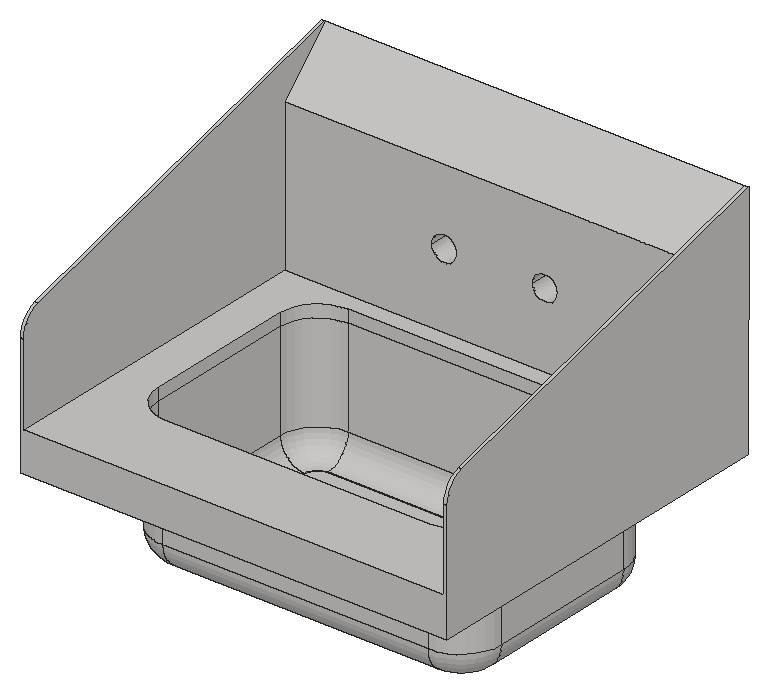
Revit family "QF_Vollrath_1410CS", category Specialty Equipment, Revit 2016
Family settings
  Part Type = Normal
  Round Connector Dimension = Use Diameter
  OmniClass Number = 23.40.40.14.31
  OmniClass Title = Cleaning and Disposal Equipment
  Work Plane-Based = Yes
  Always vertical = Yes
  Cut with Voids When Loaded = No
  Shared = No
  Room Calculation Point = No
Parameters
  Width = 1' - 5"
  Weight in Pounds = 0
  Watermarked By = "http://revitwatermark.com"
  URL Cutsheet = ""
  Status [instance] = ""
  Specification by User [instance] = ""
  Specification by Manufacturer [instance] = ""
  Sink Width = 1' - 1 9/16"
  Sink Depth = 0' - 9 1/16"
  Sink Basin Depth = 0' - 5 1/2"
  Serial Number [instance] = ""
  Seismic Rating [instance] = ""
  SMACNA No [instance] = ""
  Revision Code [instance] = ""
  Plumbing Remarks [instance] = ""
  Plumbing Connection Type [instance] = ""
  NAFEM Spec ID Number [instance] = ""
  Model = "1410CS"
  Masterspec [instance] = ""
  Manufacturer = "Vollrath"
  Item Number [instance] = "-"
  Installed By [instance] = ""
  Furnished By [instance] = ""
  Foodservice Equipment Identifier [instance] = yes
  Direct Waste Size = 2"
  Direct Waste RI Height [instance] = 0' - 0"
  Direct Waste Flow [instance] = 0.00 GPM
  Direct Waste Connection Height [instance] = 0' - 0"
  Description = "Wall-Mount Hand Sink"  # constant formula
  Depth = 1' - 3"
  Default Elevation = 4' - 0"
  CSI MasterFormat = ""
Reference planes (in)
  plane 1 "BACK": y = 0
  plane 2 "BOTTOM": z = 0
  plane 3 "LEFT": x = 0
  plane 4 "RIGHT": x = 17
  plane 5 "FRONT": y = -15
  plane 6: x = 8.5
  plane 7 "center": y = -7.25
  plane 8: y = -2
  plane 9: y = -2.71875
  plane 10: y = -11.78125
  plane 11: x = 1.71875
  plane 12: x = 15.28125
  plane 13 "TOP": z = 8
  plane 14 "Sink Bottom": z = -5.5
  plane 15 "Bottom of Skirt": z = -1.5625
  plane 16 "PIPE 1": z = -7.5
  plane 17 "CENTER 1": x = 6.5
  plane 18 "CENTER 2": x = 10.5
Forms (in)
  Extrusion 1, solid, material "QF_Finishes_Stainless Steel"
    sketch origin (0, 0, -5.5) x (0, 1, 0) y (0, 0, 1)
      loop
        line (0, 13.5) -> (-2, 11.5) -> (-2, 3.9375) -> (0, 3.9375) -> (0, 13.5)
    from 0 to 17
  Extrusion 2, solid, material "QF_Finishes_Stainless Steel"
    sketch origin (0, 0, 0) x (1, 0, 0) y (0, 1, 0)
      loop
        line (0, -2) -> (0, -15) -> (17, -15) -> (17, -2) -> (0, -2)
      loop
        arc (3.21875, -2.71875) -> (2.15809, -3.15809) -> (1.71875, -4.21875) r 1.5
        line (1.71875, -4.21875) -> (1.71875, -10.28125)
        arc (1.71875, -10.28125) -> (2.15809, -11.34191) -> (3.21875, -11.78125) r 1.5
        line (3.21875, -11.78125) -> (13.78125, -11.78125)
        arc (13.78125, -11.78125) -> (14.84191, -11.34191) -> (15.28125, -10.28125) r 1.5
        line (15.28125, -10.28125) -> (15.28125, -4.21875)
        arc (15.28125, -4.21875) -> (14.84191, -3.15809) -> (13.78125, -2.71875) r 1.5
        line (13.78125, -2.71875) -> (3.21875, -2.71875)
    from 0 to -0.5
  Extrusion 3, void
    sketch origin (0, 0, -5.5) x (1, 0, 0) y (0, 0, 1)
      loop
        circle (10.5, 8.5) r 0.5
      loop
        circle (6.5, 8.5) r 0.5
    from 0 to 2
  Sweep 4, solid, material "QF_Finishes_Stainless Steel"
    path origin (0, 0, 0) x (1, 0, 0) y (0, 1, 0)
      loop
        arc (3.21875, -2.71875) -> (2.15809, -3.15809) -> (1.71875, -4.21875) r 1.5
        line (1.71875, -4.21875) -> (1.71875, -10.28125)
        arc (1.71875, -10.28125) -> (2.15809, -11.34191) -> (3.21875, -11.78125) r 1.5
        line (3.21875, -11.78125) -> (13.78125, -11.78125)
        arc (13.78125, -11.78125) -> (14.84191, -11.34191) -> (15.28125, -10.28125) r 1.5
        line (15.28125, -10.28125) -> (15.28125, -4.21875)
        arc (15.28125, -4.21875) -> (14.84191, -3.15809) -> (13.78125, -2.71875) r 1.5
        line (13.78125, -2.71875) -> (3.21875, -2.71875)
    profile origin (8.5, -2.71875, 0) x (0, 1, 0) y (0, 0, 1)
      loop
        line (0, -0.5) -> (0, -4.375)
        arc (0, -4.375) -> (-0.29289, -5.08211) -> (-1, -5.375) r 1
        line (-1, -5.375) -> (-1, -5.5)
        arc (-1, -5.5) -> (-0.2045, -5.1705) -> (0.125, -4.375) r 1.125
        line (0.125, -4.375) -> (0.125, -0.5) -> (0, -0.5)
  Extrusion 5, solid, material "QF_Finishes_Stainless Steel"
    sketch origin (0, 0, -5.5) x (-1, 0, 0) y (0, -1, 0)
      loop
        line (-13.78125, 3.71875) -> (-3.21875, 3.71875)
        arc (-3.21875, 3.71875) -> (-2.8652, 3.8652) -> (-2.71875, 4.21875) r 0.5
        line (-2.71875, 4.21875) -> (-2.71875, 10.28125)
        arc (-2.71875, 10.28125) -> (-2.8652, 10.6348) -> (-3.21875, 10.78125) r 0.5
        line (-3.21875, 10.78125) -> (-13.78125, 10.78125)
        arc (-13.78125, 10.78125) -> (-14.1348, 10.6348) -> (-14.28125, 10.28125) r 0.5
        line (-14.28125, 10.28125) -> (-14.28125, 4.21875)
        arc (-14.28125, 4.21875) -> (-14.1348, 3.8652) -> (-13.78125, 3.71875) r 0.5
      loop
        circle (-8.5, 7.25) r 1
    from 0 to 0.125
  Extrusion 6, solid, material "QF_Finishes_Stainless Steel"
    sketch origin (0, 0, -1.5625) x (-1, 0, 0) y (0, -1, 0)
      loop
        line (0, 2) -> (0, 15) -> (-17, 15) -> (-17, 2) -> (-16.75, 2) -> (-16.75, 14.75) -> (-0.25, 14.75) -> (-0.25, 2) -> (0, 2)
    from 0 to 1.0625
  Extrusion 7, solid, material "QF_Finishes_Stainless Steel"
    sketch origin (0, 0, 0) x (0, 1, 0) y (0, 0, 1)
      loop
        line (0, 0) -> (0, 8) -> (-14.25766, 4.19796)
        arc (-14.25766, 4.19796) -> (-14.79299, 3.84096) -> (-15, 3.23172) r 1
        line (-15, 3.23172) -> (-15, 0) -> (0, 0)
    from 0 to 0.125
  Extrusion 8, solid, material "QF_Finishes_Stainless Steel"
    sketch origin (17, 0, 0) x (0, 1, 0) y (0, 0, 1)
      loop
        line (0, 8) -> (-14.25766, 4.19796)
        arc (-14.25766, 4.19796) -> (-14.79299, 3.84096) -> (-15, 3.23172) r 1
        line (-15, 3.23172) -> (-15, 0) -> (0, 0) -> (0, 8)
    from 0 to -0.125
Cuts and joins
  Extrusion 3 cuts Extrusion 1
  Extrusion 3 cuts Extrusion 2
  joined: Extrusion 1, Extrusion 2, Extrusion 6, Extrusion 7, Extrusion 8
Lines and regions (in)
  symbolic lines
    curve 1: line (0, 0, -1.5625) -> (17, 0, -1.5625)
    curve 2: line (0, -15, -1.5625) -> (0, 0, -1.5625)
    curve 3: line (17, -15, -1.5625) -> (0, -15, -1.5625)
    curve 4: line (17, 0, -1.5625) -> (17, -15, -1.5625)
  symbolic lines, style "QF_Surface Details"
    curve 5: line (0, -2, -1.5625) -> (17, -2, -1.5625)
    curve 6: line (13.78125, -2.71875, -1.5625) -> (3.21875, -2.71875, -1.5625)
    curve 7: arc (1.71875, -4.21875, -1.5625) -> (2.15809, -3.15809, -1.5625) -> (3.21875, -2.71875, -1.5625) r 1.5
    curve 8: line (1.71875, -4.21875, -1.5625) -> (1.71875, -10.28125, -1.5625)
    curve 9: arc (3.21875, -11.78125, -1.5625) -> (2.15809, -11.34191, -1.5625) -> (1.71875, -10.28125, -1.5625) r 1.5
    curve 10: line (3.21875, -11.78125, -1.5625) -> (13.78125, -11.78125, -1.5625)
    curve 11: arc (15.28125, -10.28125, -1.5625) -> (14.84191, -11.34191, -1.5625) -> (13.78125, -11.78125, -1.5625) r 1.5
    curve 12: line (15.28125, -10.28125, -1.5625) -> (15.28125, -4.21875, -1.5625)
    curve 13: arc (13.78125, -2.71875, -1.5625) -> (14.84191, -3.15809, -1.5625) -> (15.28125, -4.21875, -1.5625) r 1.5
    curve 14: circle (8.5, -7.25, -1.5625) r 1 normal (0, 0, -1)
Dimensions and locks (in)
  "Width": plane 3 "LEFT" to plane 4 "RIGHT"
  "Depth": plane 5 "FRONT" to plane 1 "BACK"
  locked: plane 8 to plane 1 "BACK" at 2
  equal spacing: plane 9, plane 7 "center", plane 10
  "Sink Depth": plane 9 to plane 10
  equal spacing: plane 3 "LEFT", plane 6, plane 4 "RIGHT"
  equal spacing: plane 11, plane 6, plane 12
  "Sink Width": plane 11 to plane 12
  locked: plane 13 "TOP" to level at 8
  "Sink Basin Depth": level to plane 14 "Sink Bottom"
  locked: Extrusion 1 sketch curve to plane 13 "TOP" at 2
  locked: Extrusion 3 sketch curve to level at 3  (x2)
  locked: Extrusion 3 sketch curve to plane 6 at 2
  locked: plane 6 to Extrusion 3 sketch curve at 2
  locked: level to plane 15 "Bottom of Skirt" at 1.5625
  locked: level to Sweep 4 sketch curve at 0.5
  locked: Sweep 4 sketch curve to plane 9 at 0.125
  locked: plane 14 "Sink Bottom" to Sweep 4 sketch curve at 0.125
  plane 11 to plane 12 = 1' - 1 9/16"
  plane 9 to plane 10 = 0' - 9 1/16"
  locked: plane 3 "LEFT" to Extrusion 6 sketch curve at 0.25
  locked: plane 5 "FRONT" to Extrusion 6 sketch curve at 0.25
  locked: Extrusion 6 sketch curve to plane 4 "RIGHT" at 0.25
  locked: plane 8 to plane 9 at 0.71875
  aligned and locked: level to plane 2 "BOTTOM"
  aligned and locked: plane 4 "RIGHT" to Extrusion 1
  aligned: plane 9 to cut or joined group of Extrusion 1, Extrusion 2, Extrusion 3, Extrusion 6, Extrusion 7, Extrusion 8
  aligned and locked: Extrusion 3 to plane 8
  aligned and locked: plane 1 "BACK" to Extrusion 1 sketch curve
  aligned and locked: plane 8 to Extrusion 1 sketch curve
  aligned and locked: plane 3 "LEFT" to Extrusion 2 sketch curve
  aligned and locked: Extrusion 2 sketch curve to plane 8
  aligned and locked: Extrusion 2 sketch curve to plane 4 "RIGHT"
  aligned and locked: Extrusion 2 sketch curve to plane 5 "FRONT"
  aligned and locked: Extrusion 2 sketch curve to plane 9
  aligned and locked: plane 11 to Extrusion 2 sketch curve
  aligned and locked: plane 10 to Extrusion 2 sketch curve
  aligned and locked: Extrusion 2 sketch curve to plane 12
  aligned and locked: Sweep 4 sketch curve to plane 9
  aligned and locked: plane 11 to Sweep 4 sketch curve
  aligned and locked: plane 10 to Sweep 4 sketch curve
  aligned and locked: Sweep 4 sketch curve to plane 12
  aligned and locked: plane 9 to Sweep 4 sketch curve
  aligned and locked: plane 14 "Sink Bottom" to Sweep 4 sketch curve
  aligned and locked: Extrusion 5 sketch curve to Sweep 4  (x4)
  aligned and locked: plane 8 to Extrusion 6 sketch curve  (x2)
  aligned and locked: plane 4 "RIGHT" to Extrusion 6 sketch curve
  aligned and locked: plane 5 "FRONT" to Extrusion 6 sketch curve
  aligned and locked: Extrusion 6 sketch curve to plane 3 "LEFT"
  aligned and locked: Extrusion 1 sketch curve to plane 15 "Bottom of Skirt"
Automatic sketch dimensions
  Extrusion 1 sketch curve to Extrusion 1 sketch curve = 0' - 2"
  plane 11 to Extrusion 2 sketch curve = 0' - 1 1/2"  (x2)
  plane 10 to Extrusion 2 sketch curve = 0' - 1 1/2"
  Extrusion 2 sketch curve to plane 12 = 0' - 1 1/2"
  plane 11 to Sweep 4 sketch curve = 0' - 1 1/2"  (x2)
  Sweep 4 sketch curve to plane 12 = 0' - 1 1/2"
  Sweep 4 sketch curve to plane 9 = 0' - 1 1/2"
  Sweep 4 sketch curve to Sweep 4 sketch curve = 0' - 1"
  Extrusion 5 sketch curve to plane 7 "center" = 0' - 0"
  Extrusion 5 sketch curve to Extrusion 5 sketch curve = 0' - 0 1/2"  (x4)
  Extrusion 7 sketch curve to level = 0' - 0"
  Extrusion 7 sketch curve to plane 5 "FRONT" = 0' - 0"
  Extrusion 7 sketch curve to plane 1 "BACK" = 0' - 0"
  plane 13 "TOP" to Extrusion 7 sketch curve = 0' - 0"
  Extrusion 7 sketch curve to plane 5 "FRONT" = 0' - 0.74234"
  Extrusion 7 sketch curve to plane 5 "FRONT" = 0' - 1"
  level to Extrusion 7 sketch curve = 0' - 3.23172"
  Extrusion 8 sketch curve to plane 5 "FRONT" = 0' - 0"
  plane 13 "TOP" to Extrusion 8 sketch curve = 0' - 0"
  Extrusion 8 sketch curve to plane 5 "FRONT" = 0' - 0.74234"
  Extrusion 8 sketch curve to plane 5 "FRONT" = 0' - 1"
  plane 13 "TOP" to Extrusion 8 sketch curve = 0' - 3.80204"
  Extrusion 8 sketch curve to level = 0' - 0"
  Extrusion 8 sketch curve to plane 1 "BACK" = 0' - 0"
  Extrusion 5 sketch curve to plane 18 "CENTER 2" = 0' - 2"
  plane 1 "BACK" to curve 1 = 0' - 0"
  curve 1 to plane 4 "RIGHT" = 0' - 0"
  curve 11 to plane 12 = 0' - 0"
  curve 6 to plane 9 = 0' - 0"
  curve 11 to plane 10 = 0' - 0"
  curve 14 to plane 6 = 0' - 0"
  curve 9 to plane 11 = 0' - 0"
  curve 3 to plane 3 "LEFT" = 0' - 0"
  curve 5 to plane 8 = 0' - 0"
  curve 14 to plane 7 "center" = 0' - 0"
  plane 5 "FRONT" to curve 3 = 0' - 0"
  curve 6 to plane 12 = 0' - 1 1/2"
  curve 11 to plane 12 = 0' - 1 1/2"
  plane 11 to curve 10 = 0' - 1 1/2"
  curve 7 to curve 8 = 0' - 1 1/2"
  radius of Extrusion 3 sketch curve = 0' - 0 1/2"  (x2)
  radius of Extrusion 5 sketch curve = 0' - 1"
  radius of curve 14 = 0' - 1"
Connectors (in)
  piping at (8.5, -7.25, -5.5), diameter 2, driven by "Direct Waste Flow"
    settings: on Extrusion 5, index 1, connector inside diameter 2", connector length 0' - 0", flow factor 0, pipe flow 0.00 GPM, pressure drop 0.00 psi, fitting loss kfactor 0, connector angle 0.00°, fixture units 0, engagement length 0' - 0", angle of deflection 0.00°, flow configuration 1, flow direction 2, fitting loss method 0, system type 16, joint type 0, gender type 0, connector reference index -1, connector utility 0, adjustable connector no, is connector primary yes, connector description "DW"
